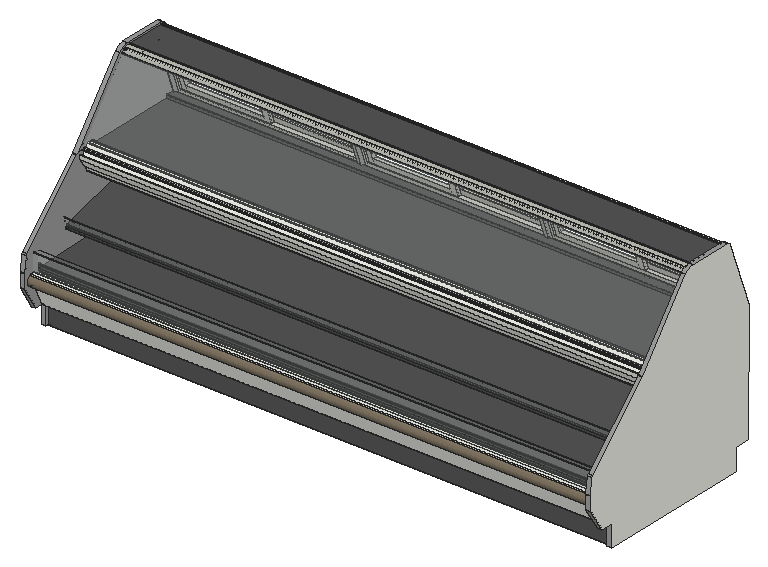
Revit family "R3-B_2014", category Specialty Equipment, Revit 2014
Parameters (values of type "12'-0" Length")
  Width = 144"
  Waste Drain = 1 1/2"  # constant formula
  Upper Drain = if(Width = 48", 32", if(Width = 72", 44", if(Width = 96", 56", if(Width = 120", 56", if(Width = 144", 77", 0")))))  # 77"
  URL = "www.hussmann.com"
  Type Comments = "Chino"  # constant formula
  Trim = Stainless Steel
  Total Weight = Case Weight + (2 * End Weight)  # 0.00 lbf
  Splashguard = Textured Sheet Metal (Steel Painted) - 701 Black
  Side Panel - Right [instance] = yes
  Side Panel - Left [instance] = yes
  Shelves = Sheet Metal (Steel Painted) - 701 Black
  Revit Family Date = "04/20/2016"  # constant formula
  Refrigeration Lines Suction = 5/8"  # constant formula
  Refrigeration Lines Liquid = 3/8"  # constant formula
  Refrig. Suction = "Suction"
  Refrig. Liquid = "Liquid"
  Number of Supports = if(Width < 70", 2, if(Width < 140", 3, 4))  # 4
  Note from Manufacturer = "This model only comes in 4'-0\", 6'-0\", 8'-0\", 10'-0\" and 12'-0\" lengths."
  Model URL = "http://www.hussmann.com/en/product%20viewer/display-cases/R3B,%20CR3B"
  Model = "R3-B"  # constant formula
  Manufacturer Disclaimer = "The information in this file is not intended to be an exact representation of the corresponding Hussmann product.  Further, we reserve the right to change or revise specifications and product design in connection with any feature of our products. Such changes do not entitle the buyer to corresponding changes, improvements, additions, or replacements for equipment previously sold or shipped."  # constant formula
  Manufacturer = "Hussmann Corporation"  # constant formula
  Lower Drain = if(Width = 48", 7", if(Width = 72", 41", if(Width = 96", 53", if(Width = 120", 53", if(Width = 144", 65", 0")))))  # 65"
  Height = 53"  # constant formula
  Glazing = Glass
  Ends = Textured Sheet Metal (Steel Painted) - 149 White Satin Matte
  End Weight = 0.00 lbf  # constant formula
  Door Frame = Plastic - 144 Mist Gray
  Description = "Refrigerated Service and Self-Service Bakery Merchandiser with Rear Storage - Straight Glass"  # constant formula
  Depth = 50 1/16"  # constant formula
  Cutsheet URL = "http://www.hussmann.com/en/Product%20Sheets/R3_Family_Selection_Guide_042012_En.pdf"
  Case Weight = if(Width = 48", 0.00 lbf, if(Width = 72", 0.00 lbf, if(Width = 96", 0.00 lbf, if(Width = 120", 0.00 lbf, if(Width = 144", 0.00 lbf, 0.00 lbf)))))  # 0.00 lbf
  Case Interior - Side Panel = Stainless Steel
  Case Interior - Back Panel = Stainless Steel
  Case = Textured Sheet Metal (Steel Painted) - 149 White Satin Matte
  Bumper = Extruded PVC - 747 Chocolate Brown
  Assembly Code = ""
  Accessories/Options = ""
  8 Case = Width = 96"  # no
  6 Case = Width = 72"  # no
  4 Case = Width = 48"  # no
  12 Case = Width = 144"  # yes
  10 Case = Width = 120"  # no
Reference planes (in)
  plane 1 "Back": y = 0
  plane 2 "Bottom": z = 0
  plane 3 "Left": x = -77.30699
  plane 4 "Center (Left/Right)": x = -5.30699
  plane 5: x = -78.43199
  plane 6 "Right": x = 66.69301
  plane 7: x = 67.81801
  plane 8: y = -50.0625
  plane 9: z = 53
Forms (in)
  Extrusion 1, solid, material "Metal - Copper"
    sketch origin (63.0625, 1.04319, 0) x (1, 0, 0) y (0, 1, 0)
      loop
        arc (-76.49449, -39.16819) -> (-77.02482, -39.38786) -> (-77.24449, -39.91819) r 0.75
        arc (-77.24449, -39.91819) -> (-77.02482, -40.44852) -> (-76.49449, -40.66819) r 0.75
        arc (-76.49449, -40.66819) -> (-75.96416, -40.44852) -> (-75.74449, -39.91819) r 0.75
        arc (-75.74449, -39.91819) -> (-75.96416, -39.38786) -> (-76.49449, -39.16819) r 0.75
      loop
        circle (-76.49449, -39.91819) r 0.7102
    from 5.98508 to 0
  Extrusion 2, solid, material "Metal - Copper"
    sketch origin (57.40105, 5, -0.375) x (1, 0, 0) y (0, 1, 0)
      loop
        circle (2.97946, -42.125) r 0.28859
      loop
        circle (2.97946, -42.125) r 0.3125
    from 6.36008 to 0.375
  Extrusion 3, solid, material "Metal - Copper"
    sketch origin (59.82608, 5, -0.375) x (1, 0, 0) y (0, 1, 0)
      loop
        circle (1.05443, -42.125) r 0.17188
      loop
        circle (1.05443, -42.125) r 0.1875
    from 6.36008 to 0.375
  Extrusion 4, solid, material "Textured Sheet Metal (Steel Painted) - 149 White Satin Matte" <- "Case"
    sketch origin (-5.30699, 0, 0) x (0, 1, 0) y (0, 0, 1)
      loop
        line (-33.36568, 34.61012) -> (-33.04856, 33.47902) -> (-31.7032, 31.45909) -> (-31.64948, 31.49094) -> (-30.7947, 30.01115) -> (-30.8313, 29.99002) -> (-30.69968, 29.76205)
        arc (-30.69968, 29.76205) -> (-30.66021, 29.73177) -> (-30.61089, 29.73826) r 0.065
        line (-30.61089, 29.73826) -> (-29.77517, 30.22076)
        arc (-29.77517, 30.22076) -> (-29.74489, 30.26023) -> (-29.75138, 30.30955) r 0.065
        line (-29.75138, 30.30955) -> (-29.85311, 30.48575)
        arc (-29.85311, 30.48575) -> (-29.85611, 30.50851) -> (-29.84213, 30.52673) r 0.03
        line (-29.84213, 30.52673) -> (-29.62575, 30.65165) -> (-28.74969, 30.65165) -> (-27.92081, 30.17255) -> (-25.08971, 27.77832)
        arc (-25.08971, 27.77832) -> (-25.07009, 27.76692) -> (-25.04774, 27.76295) r 0.065
        line (-25.04774, 27.76295) -> (-22.46115, 27.76295) -> (-21.49557, 26.79737) -> (-21.49557, 24.19301) -> (-21.62938, 23.48803)
        arc (-21.62938, 23.48803) -> (-21.57491, 23.41154) -> (-21.50086, 23.46931) r 0.065
        line (-21.50086, 23.46931) -> (-21.46057, 23.8667) -> (-21.46057, 24.58807) -> (-21.33057, 24.58807) -> (-21.33057, 28.20482) -> (-18.84907, 28.20482) -> (-18.84907, 11.22133) -> (-19.81272, 11.22133) -> (-19.81272, 10.98732) -> (-18.87522, 10.98732) -> (-18.87522, 8.47125) -> (-19.73888, 7.60758) -> (-45.15796, 7.60758) -> (-45.15796, 12.7762) -> (-44.11572, 12.7762) -> (-44.11572, 12.67958) -> (-44.18605, 12.4171) -> (-44.12568, 12.40092) -> (-44.05322, 12.67135) -> (-44.05322, 12.89308) -> (-43.99511, 12.89308) -> (-43.99511, 13.23808)
        arc (-43.99511, 13.23808) -> (-44.02205, 13.30313) -> (-44.08711, 13.33008) r 0.092
        line (-44.08711, 13.33008) -> (-44.43211, 13.33008) -> (-44.43211, 13.92649)
        arc (-44.43211, 13.92649) -> (-44.45905, 13.99154) -> (-44.52411, 14.01849) r 0.092
        line (-44.52411, 14.01849) -> (-45.46611, 14.01849)
        arc (-45.46611, 14.01849) -> (-45.53116, 13.99154) -> (-45.55811, 13.92649) r 0.092
        line (-45.55811, 13.92649) -> (-45.55811, 13.33008) -> (-45.99511, 13.33008) -> (-45.99511, 13.26808) -> (-47.2961, 13.26808) -> (-47.61711, 13.58908) -> (-47.61711, 13.96008) -> (-47.67961, 13.96008) -> (-47.67961, 13.11258) -> (-48.16704, 13.11258) -> (-48.16704, 14.20466)
        arc (-48.16704, 14.20466) -> (-48.19413, 14.27007) -> (-48.25954, 14.29716) r 0.0925
        line (-48.25954, 14.29716) -> (-48.9713, 14.29716)
        arc (-48.9713, 14.29716) -> (-49.03671, 14.27007) -> (-49.0638, 14.20466) r 0.0925
        line (-49.0638, 14.20466) -> (-49.0638, 11.58133)
        arc (-49.0638, 11.58133) -> (-49.03671, 11.51592) -> (-48.9713, 11.48883) r 0.0925
        line (-48.9713, 11.48883) -> (-48.01131, 11.48883) -> (-45.35429, 5.77636)
        arc (-45.35429, 5.77636) -> (-45.29258, 5.73883) -> (-45.23429, 5.78148) r 0.065
        line (-45.23429, 5.78148) -> (-45.15996, 5.98508) -> (-3.85387, 5.98508) -> (-3.85387, 5.91108) -> (-3.07295, 5.91108)
        arc (-3.07295, 5.91108) -> (-3.03315, 5.91899) -> (-2.99941, 5.94154) r 0.104
        line (-2.99941, 5.94154) -> (-2.31033, 6.63062)
        arc (-2.31033, 6.63062) -> (-2.28779, 6.66436) -> (-2.27987, 6.70416) r 0.104
        line (-2.27987, 6.70416) -> (-2.27987, 7.41108) -> (-0.92787, 7.41108) -> (-0.92787, 6.49062) -> (-1.0286, 5.91937)
        arc (-1.0286, 5.91937) -> (-1.01438, 5.8663) -> (-0.96459, 5.84308) r 0.065
        line (-0.96459, 5.84308) -> (-0.33657, 5.84308)
        arc (-0.33657, 5.84308) -> (-0.29061, 5.86212) -> (-0.27157, 5.90808) r 0.065
        line (-0.27157, 5.90808) -> (-0.27157, 7.54708) -> (-18.65057, 7.54708) -> (-18.65057, 28.41908) -> (-0.20665, 28.41908) -> (-0.20665, 35.15451) -> (-0.27598, 35.41322) -> (-0.062, 35.41322) -> (-0.062, 35.28806) -> (-0.08379, 35.03772) -> (-0.02202, 35.03232) -> (0, 35.28405) -> (0, 35.91542)
        arc (0, 35.91542) -> (-0.0014, 35.9314) -> (-0.00555, 35.94689) r 0.092
        line (-0.00555, 35.94689) -> (-0.11802, 36.2559)
        arc (-0.11802, 36.2559) -> (-0.16559, 36.30782) -> (-0.23594, 36.31089) r 0.092
        line (-0.23594, 36.31089) -> (-2.27433, 35.56897) -> (-4.51597, 35.56897)
        arc (-4.51597, 35.56897) -> (-4.57511, 35.54745) -> (-4.60657, 35.49295) r 0.092
        line (-4.60657, 35.49295) -> (-4.70058, 34.95983) -> (-4.63952, 34.94906) -> (-4.54551, 35.48218)
        arc (-4.54551, 35.48218) -> (-4.53525, 35.49995) -> (-4.51597, 35.50697) r 0.03
        line (-4.51597, 35.50697) -> (-2.98133, 35.50697) -> (-2.94721, 35.41322) -> (-3.2434, 35.41322)
        arc (-3.2434, 35.41322) -> (-3.31694, 35.38276) -> (-3.3474, 35.30922) r 0.104
        line (-3.3474, 35.30922) -> (-3.3474, 34.77931) -> (-26.31188, 34.77931)
        arc (-26.31188, 34.77931) -> (-26.33441, 34.85188) -> (-26.40369, 34.88308) r 0.0925
        line (-26.40369, 34.88308) -> (-29.81917, 34.88308) -> (-29.81917, 35.15653) -> (-29.81917, 36.32406)
        arc (-29.81917, 36.32406) -> (-29.8382, 36.37002) -> (-29.88417, 36.38906) r 0.065
        line (-29.88417, 36.38906) -> (-30.59463, 36.38906)
        arc (-30.59463, 36.38906) -> (-30.62338, 36.38236) -> (-30.6462, 36.36363) r 0.065
        line (-30.6462, 36.36363) -> (-31.5477, 35.18877) -> (-31.50775, 35.15812) -> (-32.26162, 34.17566)
        arc (-32.26162, 34.17566) -> (-32.27842, 34.16475) -> (-32.29834, 34.16684) r 0.03
        line (-32.29834, 34.16684) -> (-33.08729, 34.5431) -> (-33.06355, 34.60387) -> (-33.27944, 34.68821)
        arc (-33.27944, 34.68821) -> (-33.34673, 34.67585) -> (-33.36568, 34.61012) r 0.065
      loop
        line (-7.7013, 52.90428) -> (-17.15757, 52.90428) -> (-17.15757, 50.81867) -> (-15.27268, 50.81867)
        arc (-15.27268, 50.81867) -> (-15.31864, 50.79963) -> (-15.33768, 50.75367) r 0.065
        line (-15.33768, 50.75367) -> (-15.33768, 49.56367)
        arc (-15.33768, 49.56367) -> (-15.31864, 49.51771) -> (-15.27268, 49.49867) r 0.065
        line (-15.27268, 49.49867) -> (-14.92768, 49.49867) -> (-14.92768, 49.53609)
        arc (-14.92768, 49.53609) -> (-14.89911, 49.53742) -> (-14.88107, 49.55961) r 0.035
        line (-14.88107, 49.55961) -> (-14.67768, 50.31867) -> (-13.55268, 50.31867) -> (-13.34925, 49.55947)
        arc (-13.34925, 49.55947) -> (-13.33673, 49.54086) -> (-13.31548, 49.53367) r 0.035
        line (-13.31548, 49.53367) -> (-12.94048, 49.53367) -> (-12.94048, 49.57098)
        arc (-12.94048, 49.57098) -> (-12.90599, 49.59425) -> (-12.89268, 49.63367) r 0.065
        line (-12.89268, 49.63367) -> (-12.89268, 50.75367)
        arc (-12.89268, 50.75367) -> (-12.91172, 50.79963) -> (-12.95768, 50.81867) r 0.065
        line (-12.95768, 50.81867) -> (-8.18319, 50.81867) -> (-8.3657, 50.31723)
        arc (-8.3657, 50.31723) -> (-8.3631, 50.25759) -> (-8.31908, 50.21726) r 0.078
        line (-8.31908, 50.21726) -> (-7.21684, 49.81607)
        arc (-7.21684, 49.81607) -> (-7.19016, 49.81137) -> (-7.16349, 49.81607) r 0.078
        line (-7.16349, 49.81607) -> (-5.87825, 50.28386)
        arc (-5.87825, 50.28386) -> (-5.83424, 50.32419) -> (-5.83163, 50.38383) r 0.078
        arc (-5.83163, 50.38383) -> (-5.78406, 50.33192) -> (-5.71372, 50.32885) r 0.092
        line (-5.71372, 50.32885) -> (-5.41208, 50.43863)
        arc (-5.41208, 50.43863) -> (-5.36016, 50.4862) -> (-5.35709, 50.55655) r 0.092
        line (-5.35709, 50.55655) -> (-6.30348, 53.15672)
        arc (-6.30348, 53.15672) -> (-6.41404, 53.30081) -> (-6.58726, 53.35543) r 0.302
        line (-6.58726, 53.35543) -> (-7.1713, 53.35543)
        arc (-7.1713, 53.35543) -> (-7.23635, 53.32848) -> (-7.2633, 53.26343) r 0.092
        line (-7.2633, 53.26343) -> (-7.2633, 52.98303) -> (-7.6233, 52.98303)
        arc (-7.6233, 52.98303) -> (-7.67872, 52.95992) -> (-7.7013, 52.90428) r 0.078
    from 72 to -72
  Extrusion 5, solid, material "Sheet Metal (Steel Painted) - 701 Black" <- "Shelves"
    sketch origin (-5.30699, 0, 0) x (0, 1, 0) y (0, 0, 1)
      loop
        line (-46.30462, 14.45678) -> (-46.29104, 14.03416) -> (-20.77257, 14.85426) -> (-20.77257, 24.58807) -> (-21.46057, 24.58807) -> (-21.46057, 15.29022) -> (-46.30575, 14.49176)
        arc (-46.30575, 14.49176) -> (-46.32723, 14.49986) -> (-46.3367, 14.52078) r 0.03
        line (-46.3367, 14.52078) -> (-46.36785, 15.49028)
        arc (-46.36785, 15.49028) -> (-46.44056, 15.55273) -> (-46.49644, 15.47486) r 0.065
        line (-46.49644, 15.47486) -> (-46.42607, 15.13915) -> (-46.39182, 15.14633) -> (-46.37168, 14.51966)
        arc (-46.37168, 14.51966) -> (-46.35117, 14.47433) -> (-46.30462, 14.45678) r 0.065
    from 72 to -72
  Extrusion 6, solid, material "Sheet Metal (Steel Painted) - 701 Black" <- "Shelves"
    sketch origin (-5.30699, 0, 0) x (0, 1, 0) y (0, 0, 1)
      loop
        arc (-37.37591, 20.55304) -> (-37.41386, 20.52392) -> (-37.4201, 20.4765) r 0.0625
        line (-37.4201, 20.4765) -> (-37.20032, 19.65628) -> (-37.45375, 19.58853) -> (-37.62233, 20.31883) -> (-37.68275, 20.30488) -> (-37.51403, 19.5741)
        arc (-37.51403, 19.5741) -> (-37.48555, 19.53491) -> (-37.43757, 19.52816) r 0.062
        line (-37.43757, 19.52816) -> (-36.59239, 19.75463) -> (-36.60996, 19.82019)
        arc (-36.60996, 19.82019) -> (-36.5977, 19.83875) -> (-36.59726, 19.86099) r 0.04
        line (-36.59726, 19.86099) -> (-36.77098, 20.52878) -> (-35.92628, 20.75209) -> (-35.88731, 20.60665) -> (-35.804, 20.62897)
        arc (-35.804, 20.62897) -> (-35.77744, 20.62547) -> (-35.76113, 20.60422) r 0.035
        line (-35.76113, 20.60422) -> (-35.68092, 20.30489)
        arc (-35.68092, 20.30489) -> (-35.66826, 20.27965) -> (-35.64666, 20.26146) r 0.07
        line (-35.64666, 20.26146) -> (-35.12588, 19.97927)
        arc (-35.12588, 19.97927) -> (-35.04917, 19.98586) -> (-35.02491, 20.05893) r 0.07
        line (-35.02491, 20.05893) -> (-35.07702, 20.25341) -> (-21.79848, 23.74887)
        arc (-21.79848, 23.74887) -> (-21.76053, 23.77799) -> (-21.75428, 23.82542) r 0.0625
        line (-21.75428, 23.82542) -> (-21.9484, 24.54987)
        arc (-21.9484, 24.54987) -> (-21.97752, 24.58782) -> (-22.02494, 24.59406) r 0.0625
        line (-22.02494, 24.59406) -> (-37.37591, 20.55304)
    from 72 to -72
  Extrusion 7, solid, material "Glass" <- "Glazing"
    sketch origin (-5.30699, 0, 0) x (0, 1, 0) y (0, 0, 1)
      loop
        line (-38.15322, 22.24812) -> (-37.44146, 19.59182) -> (-37.19994, 19.65639) -> (-37.91173, 22.31283)
        arc (-37.91173, 22.31283) -> (-38.06483, 22.40122) -> (-38.15322, 22.24812) r 0.125
    from 72 to -72
  Extrusion 8, solid, material "Glass" <- "Glazing"
    sketch origin (-5.30699, 1.3125, 0) x (0, 1, 0) y (0, 0, 1)
      loop
        line (-49.47954, 18.6907) -> (-49.47954, 13.11258) -> (-48.99211, 13.11258) -> (-48.99211, 18.61243)
        arc (-48.99211, 18.61243) -> (-49.20247, 18.85926) -> (-49.47954, 18.6907) r 0.25
    from 72 to -72
  Extrusion 9, solid, material "Extruded PVC - 747 Chocolate Brown" <- "Bumper"
    sketch origin (-5.30699, 1.3125, 0) x (0, 1, 0) y (0, 0, 1)
      loop
        arc (-50.3763, 13.97878) -> (-51.3763, 12.72878) -> (-50.3763, 11.47878) r 1.28125
        line (-50.3763, 11.47878) -> (-50.3763, 13.97878)
    from 72 to -72
  Extrusion 10, solid, material "Sheet Metal (Steel Painted) - 701 Black" <- "Shelves"
    sketch origin (-5.30699, 0, 0) x (0, 1, 0) y (0, 0, 1)
      loop
        line (-7.38303, 53.29798) -> (-17.05429, 53.29798) -> (-17.09366, 53.25861) -> (-17.09366, 53.02831) -> (-16.98879, 52.90767) -> (-16.79783, 52.90767) -> (-16.73329, 52.98302) -> (-7.38303, 52.98302) -> (-7.34366, 53.02239) -> (-7.34366, 53.25861) -> (-7.38303, 53.29798)
    from 72 to -72
  Extrusion 11, solid, material "Plastic - 144 Mist Gray" <- "Door Frame"
    sketch origin (-5.30699, 0, 0) x (0, 1, 0) y (0, 0, 1)
      loop
        line (-31.82232, 35.94724) -> (-32.26023, 35.37698)
        arc (-32.26023, 35.37698) -> (-32.27252, 35.33114) -> (-32.24881, 35.29004) r 0.062
        line (-32.24881, 35.29004) -> (-32.05214, 35.13901)
        arc (-32.05214, 35.13901) -> (-32.00601, 35.127) -> (-31.96474, 35.15086) r 0.06275
        line (-31.96474, 35.15086) -> (-31.94384, 35.17842)
        arc (-31.94384, 35.17842) -> (-31.9028, 35.20174) -> (-31.85724, 35.18941) r 0.062
        line (-31.85724, 35.18941) -> (-31.79772, 35.14371)
        arc (-31.79772, 35.14371) -> (-31.73043, 35.1804) -> (-31.72938, 35.25704) r 0.07595
        line (-31.72938, 35.25704) -> (-31.69463, 35.30248) -> (-31.56473, 35.08387) -> (-31.50775, 35.15812) -> (-31.5477, 35.18877) -> (-31.43629, 35.33396) -> (-31.49966, 35.5419)
        arc (-31.49966, 35.5419) -> (-31.43318, 35.56871) -> (-31.41797, 35.63876) r 0.07661
        line (-31.41797, 35.63876) -> (-31.55094, 35.73964)
        arc (-31.55094, 35.73964) -> (-31.56882, 35.74604) -> (-31.58707, 35.74081) r 0.031
        arc (-31.58707, 35.74081) -> (-31.80142, 35.46503) -> (-32.01334, 35.1874) r 40
        line (-32.01334, 35.1874) -> (-32.21163, 35.33966)
        arc (-32.21163, 35.33966) -> (-31.99346, 35.6254) -> (-31.77274, 35.90917) r 40.25
        line (-31.77274, 35.90917) -> (-31.82232, 35.94724)
      loop
        arc (-17.84289, 50.87918) -> (-16.90474, 50.72973) -> (-15.95893, 50.81867) r 3.78388
        line (-15.95893, 50.81867) -> (-17.15757, 50.81867) -> (-17.15757, 53.2706)
        arc (-17.15757, 53.2706) -> (-17.16334, 53.28452) -> (-17.17726, 53.29028) r 0.01969
        line (-17.17726, 53.29028) -> (-17.24214, 53.29028)
        arc (-17.24214, 53.29028) -> (-17.30757, 53.22142) -> (-17.36482, 53.14562) r 0.84252
        line (-17.36482, 53.14562) -> (-17.40424, 53.17205)
        arc (-17.40424, 53.17205) -> (-17.36221, 53.20856) -> (-17.39872, 53.25059) r 0.03937
        arc (-17.39872, 53.25059) -> (-18.01029, 53.22926) -> (-18.60396, 53.08083) r 2.91774
        arc (-18.60396, 53.08083) -> (-19.22775, 52.67282) -> (-19.55011, 52.00075) r 1.38647
        arc (-19.55011, 52.00075) -> (-19.53805, 51.96063) -> (-19.49667, 51.95409) r 0.03937
        line (-19.49667, 51.95409) -> (-18.99636, 52.58772) -> (-18.91034, 52.69536) -> (-18.70859, 52.79946)
        arc (-18.70859, 52.79946) -> (-18.62563, 52.80286) -> (-18.56959, 52.7416) r 0.09842
        line (-18.56959, 52.7416) -> (-18.60973, 52.68341) -> (-18.74526, 52.68719) -> (-18.83424, 52.55819) -> (-18.76997, 52.5087)
        arc (-18.76997, 52.5087) -> (-18.73992, 52.45646) -> (-18.75562, 52.39827) r 0.07874
        line (-18.75562, 52.39827) -> (-19.22024, 51.79487)
        arc (-19.22024, 51.79487) -> (-19.23202, 51.75123) -> (-19.20948, 51.71205) r 0.05906
        line (-19.20948, 51.71205) -> (-19.1159, 51.63999)
        arc (-19.1159, 51.63999) -> (-19.10135, 51.63607) -> (-19.08829, 51.64358) r 0.01969
        line (-19.08829, 51.64358) -> (-18.93505, 51.8426) -> (-18.91767, 51.81176) -> (-18.9573, 51.7896)
        arc (-18.9573, 51.7896) -> (-18.96663, 51.77777) -> (-18.96487, 51.76281) r 0.01969
        line (-18.96487, 51.76281) -> (-18.65006, 51.19992)
        arc (-18.65006, 51.19992) -> (-18.5697, 51.10595) -> (-18.45935, 51.05016) r 0.31496
        line (-18.45935, 51.05016) -> (-17.84289, 50.87918)
    from 72 to -72
  Extrusion 12, solid, material "Textured Sheet Metal (Steel Painted) - 701 Black" <- "Splashguard"
    sketch origin (-5.30699, 0, 0) x (0, 1, 0) y (0, 0, 1)
      loop
        arc (-43.33825, 5.48508) -> (-43.363, 5.47483) -> (-43.37325, 5.45008) r 0.035
        line (-43.37325, 5.45008) -> (-43.37325, 0.02008)
        arc (-43.37325, 0.02008) -> (-43.363, -0.00467) -> (-43.33825, -0.01492) r 0.035
        line (-43.33825, -0.01492) -> (-42.83825, -0.01492)
        arc (-42.83825, -0.01492) -> (-42.8135, -0.00467) -> (-42.80325, 0.02008) r 0.035
        line (-42.80325, 0.02008) -> (-42.80325, 0.39508) -> (-42.88512, 0.39508) -> (-42.88512, 5.07508) -> (-42.80325, 5.07508) -> (-42.80325, 5.45008)
        arc (-42.80325, 5.45008) -> (-42.8135, 5.47483) -> (-42.83825, 5.48508) r 0.035
        line (-42.83825, 5.48508) -> (-43.33825, 5.48508)
      loop
        line (-4.19387, 5.48508) -> (-4.19387, 0.45495) -> (-3.8561, 0.05241) -> (-3.47425, -0.01492) -> (-3.46817, 0.01955) -> (-3.83748, 0.08467) -> (-4.15887, 0.46769) -> (-4.15887, 5.48508) -> (-4.19387, 5.48508)
    from 72 to -72
  Extrusion 13, solid, material "Sheet Metal (Steel Painted) - 701 Black" <- "Shelves"
    sketch origin (-5.30699, 0, 0) x (0, 1, 0) y (0, 0, 1)
      loop
        line (-29.74078, 34.97147) -> (-29.74078, 34.93647) -> (-5.49078, 34.93647) -> (-5.49078, 35.53397)
        arc (-5.49078, 35.53397) -> (-5.46603, 35.54422) -> (-5.45578, 35.56897) r 0.035
        line (-5.45578, 35.56897) -> (-5.45578, 36.31897) -> (-3.33078, 36.31897) -> (-3.07054, 35.60397) -> (-3.57054, 35.60397) -> (-3.57054, 35.56897) -> (-3.07054, 35.56897)
        arc (-3.07054, 35.56897) -> (-3.04185, 35.58394) -> (-3.03769, 35.61603) r 0.035
        line (-3.03769, 35.61603) -> (-3.29789, 36.33094)
        arc (-3.29789, 36.33094) -> (-3.31071, 36.34764) -> (-3.33078, 36.35397) r 0.035
        line (-3.33078, 36.35397) -> (-5.45578, 36.35397)
        arc (-5.45578, 36.35397) -> (-5.48053, 36.34372) -> (-5.49078, 36.31897) r 0.035
        line (-5.49078, 36.31897) -> (-5.49078, 35.56897) -> (-29.30328, 35.56897) -> (-29.30328, 35.91762) -> (-29.26845, 35.91457) -> (-29.23379, 36.31071)
        arc (-29.23379, 36.31071) -> (-29.28354, 36.37007) -> (-29.33828, 36.31528) r 0.0525
        line (-29.33828, 36.31528) -> (-29.33828, 35.56897)
        arc (-29.33828, 35.56897) -> (-29.32803, 35.54422) -> (-29.30328, 35.53397) r 0.035
        line (-29.30328, 35.53397) -> (-29.74078, 34.97147)
    from 72 to -72
  Extrusion 14, solid, material "Glass" <- "Glazing"
    sketch origin (-5.30699, 0, 0) x (0, 1, 0) y (0, 0, 1)
      loop
        line (-18.77205, 52.44227) -> (-18.95941, 52.58614) -> (-32.20617, 35.33546) -> (-32.01881, 35.19159) -> (-18.77205, 52.44227)
    from 72 to -72
  Extrusion 15, solid, material "Metal - Copper"
    sketch origin (-56.6875, 24.04319, 0) x (1, 0, 0) y (0, 1, 0)
      loop
        arc (56.38051, -40.66819) -> (55.85018, -40.88786) -> (55.63051, -41.41819) r 0.75
        arc (55.63051, -41.41819) -> (55.85018, -41.94852) -> (56.38051, -42.16819) r 0.75
        arc (56.38051, -42.16819) -> (56.91084, -41.94852) -> (57.13051, -41.41819) r 0.75
        arc (57.13051, -41.41819) -> (56.91084, -40.88786) -> (56.38051, -40.66819) r 0.75
      loop
        circle (56.38051, -41.41819) r 0.7102
    from 5.98508 to 0
  Extrusion 16, solid, material "Glass" <- "Glazing"
    sketch origin (-5.30699, 0, 0) x (0, 1, 0) y (0, 0, 1)
      loop
        line (-46.46518, 18.51872) -> (-46.3367, 14.52078) -> (-46.08683, 14.52881) -> (-46.21531, 18.52675) -> (-46.46518, 18.51872)
    from 72 to -72
  Extrusion 17, solid, material "Stainless Steel" <- "Case Interior - Back Panel", visible <- "12 Case"
    sketch origin (-77.30699, 0, 0) x (0, 1, 0) y (0, 0, 1)
      loop
        line (-3.0039, 35.56897) -> (-2.27433, 35.56897) -> (-0.17956, 36.33141) -> (-5.4525, 50.81867) -> (-8.55461, 50.81867) -> (-3.0039, 35.56897)
    from 144 to 143.5
  Extrusion 18, solid, material "Stainless Steel" <- "Case Interior - Back Panel", visible <- "12 Case"
    sketch origin (-77.30699, 0, 0) x (0, 1, 0) y (0, 0, 1)
      loop
        line (-3.0039, 35.56897) -> (-2.27433, 35.56897) -> (-0.17956, 36.33141) -> (-5.4525, 50.81867) -> (-8.55461, 50.81867) -> (-3.0039, 35.56897)
    from 96.5 to 95.5
  Extrusion 19, solid, material "Stainless Steel" <- "Case Interior - Back Panel", visible <- "12 Case"
    sketch origin (-77.30699, 0, 0) x (0, 1, 0) y (0, 0, 1)
      loop
        line (-3.0039, 35.56897) -> (-2.27433, 35.56897) -> (-0.17956, 36.33141) -> (-5.4525, 50.81867) -> (-8.55461, 50.81867) -> (-3.0039, 35.56897)
    from 48.5 to 47.5
  Extrusion 20, solid, material "Stainless Steel" <- "Case Interior - Back Panel", visible <- "12 Case"
    sketch origin (-77.30699, 0, 0) x (0, 1, 0) y (0, 0, 1)
      loop
        line (-3.0039, 35.56897) -> (-2.27433, 35.56897) -> (-0.17956, 36.33141) -> (-5.4525, 50.81867) -> (-8.55461, 50.81867) -> (-3.0039, 35.56897)
    from 0.5 to 0
  Extrusion 21, solid, material "Stainless Steel" <- "Case Interior - Back Panel", visible <- "12 Case", not visible
    sketch origin (-77.30699, 0, 0) x (0, 1, 0) y (0, 0, 1)
      loop
        line (-3.0039, 35.56897) -> (-2.27433, 35.56897) -> (-0.17956, 36.33141) -> (-5.4525, 50.81867) -> (-8.55461, 50.81867) -> (-3.0039, 35.56897)
    from 144 to 143.5
  Extrusion 22, solid, material "Stainless Steel" <- "Case Interior - Back Panel", visible <- "12 Case", not visible
    sketch origin (-77.30699, 0, 0) x (0, 1, 0) y (0, 0, 1)
      loop
        line (-3.0039, 35.56897) -> (-2.27433, 35.56897) -> (-0.17956, 36.33141) -> (-5.4525, 50.81867) -> (-8.55461, 50.81867) -> (-3.0039, 35.56897)
    from 96.5 to 95.5
  Extrusion 23, solid, material "Stainless Steel" <- "Case Interior - Back Panel", visible <- "12 Case", not visible
    sketch origin (-77.30699, 0, 0) x (0, 1, 0) y (0, 0, 1)
      loop
        line (-3.0039, 35.56897) -> (-2.27433, 35.56897) -> (-0.17956, 36.33141) -> (-5.4525, 50.81867) -> (-8.55461, 50.81867) -> (-3.0039, 35.56897)
    from 48.5 to 47.5
  Extrusion 24, solid, material "Stainless Steel" <- "Case Interior - Back Panel", visible <- "12 Case", not visible
    sketch origin (-77.30699, 0, 0) x (0, 1, 0) y (0, 0, 1)
      loop
        line (-3.0039, 35.56897) -> (-2.27433, 35.56897) -> (-0.17956, 36.33141) -> (-5.4525, 50.81867) -> (-8.55461, 50.81867) -> (-3.0039, 35.56897)
    from 0.5 to 0
  Extrusion 25, solid, material "Stainless Steel" <- "Case Interior - Back Panel", visible <- "10 Case"
    sketch origin (-77.30699, 0, 0) x (0, 1, 0) y (0, 0, 1)
      loop
        line (-3.0039, 35.56897) -> (-2.27433, 35.56897) -> (-0.17956, 36.33141) -> (-5.4525, 50.81867) -> (-8.55461, 50.81867) -> (-3.0039, 35.56897)
    from 120 to 119.5
  Extrusion 26, solid, material "Stainless Steel" <- "Case Interior - Back Panel", visible <- "10 Case"
    sketch origin (-77.30699, 0, 0) x (0, 1, 0) y (0, 0, 1)
      loop
        line (-3.0039, 35.56897) -> (-2.27433, 35.56897) -> (-0.17956, 36.33141) -> (-5.4525, 50.81867) -> (-8.55461, 50.81867) -> (-3.0039, 35.56897)
    from 60.5 to 59.5
  Extrusion 27, solid, material "Stainless Steel" <- "Case Interior - Back Panel", visible <- "10 Case"
    sketch origin (-77.30699, 0, 0) x (0, 1, 0) y (0, 0, 1)
      loop
        line (-3.0039, 35.56897) -> (-2.27433, 35.56897) -> (-0.17956, 36.33141) -> (-5.4525, 50.81867) -> (-8.55461, 50.81867) -> (-3.0039, 35.56897)
    from 0.5 to 0
  Extrusion 28, solid, material "Stainless Steel" <- "Case Interior - Back Panel", visible <- "10 Case", not visible
    sketch origin (-170.99499, 0, 0) x (0, 1, 0) y (0, 0, 1)
      loop
        line (-3.0039, 35.56897) -> (-2.27433, 35.56897) -> (-0.17956, 36.33141) -> (-5.4525, 50.81867) -> (-8.55461, 50.81867) -> (-3.0039, 35.56897)
    from 120 to 119.5
  Extrusion 29, solid, material "Stainless Steel" <- "Case Interior - Back Panel", visible <- "10 Case", not visible
    sketch origin (-170.99499, 0, 0) x (0, 1, 0) y (0, 0, 1)
      loop
        line (-3.0039, 35.56897) -> (-2.27433, 35.56897) -> (-0.17956, 36.33141) -> (-5.4525, 50.81867) -> (-8.55461, 50.81867) -> (-3.0039, 35.56897)
    from 60.5 to 59.5
  Extrusion 30, solid, material "Stainless Steel" <- "Case Interior - Back Panel", visible <- "10 Case", not visible
    sketch origin (-170.99499, 0, 0) x (0, 1, 0) y (0, 0, 1)
      loop
        line (-3.0039, 35.56897) -> (-2.27433, 35.56897) -> (-0.17956, 36.33141) -> (-5.4525, 50.81867) -> (-8.55461, 50.81867) -> (-3.0039, 35.56897)
    from 0.5 to 0
  Extrusion 31, solid, material "Stainless Steel" <- "Case Interior - Back Panel", visible <- "8 Case"
    sketch origin (-77.30699, 0, 0) x (0, 1, 0) y (0, 0, 1)
      loop
        line (-3.0039, 35.56897) -> (-2.27433, 35.56897) -> (-0.17956, 36.33141) -> (-5.4525, 50.81867) -> (-8.55461, 50.81867) -> (-3.0039, 35.56897)
    from 96 to 95.5
  Extrusion 32, solid, material "Stainless Steel" <- "Case Interior - Back Panel", visible <- "8 Case"
    sketch origin (-77.30699, 0, 0) x (0, 1, 0) y (0, 0, 1)
      loop
        line (-3.0039, 35.56897) -> (-2.27433, 35.56897) -> (-0.17956, 36.33141) -> (-5.4525, 50.81867) -> (-8.55461, 50.81867) -> (-3.0039, 35.56897)
    from 48.5 to 47.5
  Extrusion 33, solid, material "Stainless Steel" <- "Case Interior - Back Panel", visible <- "8 Case"
    sketch origin (-77.30699, 0, 0) x (0, 1, 0) y (0, 0, 1)
      loop
        line (-3.0039, 35.56897) -> (-2.27433, 35.56897) -> (-0.17956, 36.33141) -> (-5.4525, 50.81867) -> (-8.55461, 50.81867) -> (-3.0039, 35.56897)
    from 0.5 to 0
  Extrusion 34, solid, material "Stainless Steel" <- "Case Interior - Back Panel", visible <- "8 Case", not visible
    sketch origin (-77.30699, 0, 0) x (0, 1, 0) y (0, 0, 1)
      loop
        line (-3.0039, 35.56897) -> (-2.27433, 35.56897) -> (-0.17956, 36.33141) -> (-5.4525, 50.81867) -> (-8.55461, 50.81867) -> (-3.0039, 35.56897)
    from 96 to 95.5
  Extrusion 35, solid, material "Stainless Steel" <- "Case Interior - Back Panel", visible <- "8 Case", not visible
    sketch origin (-77.30699, 0, 0) x (0, 1, 0) y (0, 0, 1)
      loop
        line (-3.0039, 35.56897) -> (-2.27433, 35.56897) -> (-0.17956, 36.33141) -> (-5.4525, 50.81867) -> (-8.55461, 50.81867) -> (-3.0039, 35.56897)
    from 48.5 to 47.5
  Extrusion 36, solid, material "Stainless Steel" <- "Case Interior - Back Panel", visible <- "8 Case", not visible
    sketch origin (-77.30699, 0, 0) x (0, 1, 0) y (0, 0, 1)
      loop
        line (-3.0039, 35.56897) -> (-2.27433, 35.56897) -> (-0.17956, 36.33141) -> (-5.4525, 50.81867) -> (-8.55461, 50.81867) -> (-3.0039, 35.56897)
    from 0.5 to 0
  Extrusion 37, solid, material "Stainless Steel" <- "Case Interior - Back Panel", visible <- "6 Case"
    sketch origin (-77.30699, 0, 0) x (0, 1, 0) y (0, 0, 1)
      loop
        line (-3.0039, 35.56897) -> (-2.27433, 35.56897) -> (-0.17956, 36.33141) -> (-5.4525, 50.81867) -> (-8.55461, 50.81867) -> (-3.0039, 35.56897)
    from 72 to 71.5
  Extrusion 38, solid, material "Stainless Steel" <- "Case Interior - Back Panel", visible <- "6 Case"
    sketch origin (-77.30699, 0, 0) x (0, 1, 0) y (0, 0, 1)
      loop
        line (-3.0039, 35.56897) -> (-2.27433, 35.56897) -> (-0.17956, 36.33141) -> (-5.4525, 50.81867) -> (-8.55461, 50.81867) -> (-3.0039, 35.56897)
    from 0.5 to 0
  Extrusion 39, solid, material "Stainless Steel" <- "Case Interior - Back Panel", visible <- "6 Case", not visible
    sketch origin (-72.99499, 10.38492, -11.25191) x (0, 1, 0) y (0, 0, 1)
      loop
        line (-3.0039, 35.56897) -> (-2.27433, 35.56897) -> (-0.17956, 36.33141) -> (-5.4525, 50.81867) -> (-8.55461, 50.81867) -> (-3.0039, 35.56897)
    from 72 to 71.5
  Extrusion 40, solid, material "Stainless Steel" <- "Case Interior - Back Panel", visible <- "6 Case", not visible
    sketch origin (-72.99499, 10.38492, -11.25191) x (0, 1, 0) y (0, 0, 1)
      loop
        line (-3.0039, 35.56897) -> (-2.27433, 35.56897) -> (-0.17956, 36.33141) -> (-5.4525, 50.81867) -> (-8.55461, 50.81867) -> (-3.0039, 35.56897)
    from 0.5 to 0
  Extrusion 41, solid, material "Stainless Steel" <- "Case Interior - Back Panel", visible <- "4 Case"
    sketch origin (-77.30699, 0, 0) x (0, 1, 0) y (0, 0, 1)
      loop
        line (-3.0039, 35.56897) -> (-2.27433, 35.56897) -> (-0.17956, 36.33141) -> (-5.4525, 50.81867) -> (-8.55461, 50.81867) -> (-3.0039, 35.56897)
    from 48 to 47.5
  Extrusion 42, solid, material "Stainless Steel" <- "Case Interior - Back Panel", visible <- "4 Case"
    sketch origin (-77.30699, 0, 0) x (0, 1, 0) y (0, 0, 1)
      loop
        line (-3.0039, 35.56897) -> (-2.27433, 35.56897) -> (-0.17956, 36.33141) -> (-5.4525, 50.81867) -> (-8.55461, 50.81867) -> (-3.0039, 35.56897)
    from 0.5 to 0
  Extrusion 43, solid, material "Stainless Steel" <- "Case Interior - Back Panel", visible <- "4 Case", not visible
    sketch origin (-77.30699, 0, 0) x (0, 1, 0) y (0, 0, 1)
      loop
        line (-3.0039, 35.56897) -> (-2.27433, 35.56897) -> (-0.17956, 36.33141) -> (-5.4525, 50.81867) -> (-8.55461, 50.81867) -> (-3.0039, 35.56897)
    from 48 to 47.5
  Extrusion 44, solid, material "Stainless Steel" <- "Case Interior - Back Panel", visible <- "4 Case", not visible
    sketch origin (-77.30699, 0, 0) x (0, 1, 0) y (0, 0, 1)
      loop
        line (-3.0039, 35.56897) -> (-2.27433, 35.56897) -> (-0.17956, 36.33141) -> (-5.4525, 50.81867) -> (-8.55461, 50.81867) -> (-3.0039, 35.56897)
    from 0.5 to 0
  Extrusion 45, solid, material "Textured Sheet Metal (Steel Painted) - 149 White Satin Matte" <- "Ends", visible <- "Side Panel - Right"
    sketch origin (66.69301, 0, 0) x (0, 0, 1) y (0, -1, 0)
      loop
        line (34.77534, 33.79515) -> (19.1778, 49.83365)
        arc (19.1778, 49.83365) -> (18.99581, 49.96828) -> (18.78038, 50.0378) r 0.7
        line (18.78038, 50.0378) -> (14.92446, 50.61944)
        arc (14.92446, 50.61944) -> (14.87241, 50.62531) -> (14.82005, 50.62727) r 0.7
        line (14.82005, 50.62727) -> (11.26431, 50.62727) -> (5.41447, 46.96444) -> (5.41447, 43.83793) -> (0, 43.83793) -> (0, 4.00118) -> (5.51387, 4.00118) -> (5.51387, 0) -> (36.64627, 0) -> (53.01402, 5.96807)
        arc (53.01402, 5.96807) -> (53.34775, 6.22438) -> (53.47423, 6.62572) r 0.7
        line (53.47423, 6.62572) -> (53.47423, 17.61192)
        arc (53.47423, 17.61192) -> (53.173, 18.92213) -> (52.3298, 19.96923) r 3
        line (52.3298, 19.96923) -> (34.8442, 33.73314)
        arc (34.8442, 33.73314) -> (34.80874, 33.763) -> (34.77534, 33.79515) r 0.7
    from 0 to 1.125
  Extrusion 46, solid, material "Textured Sheet Metal (Steel Painted) - 149 White Satin Matte" <- "Ends", visible <- "Side Panel - Left"
    sketch origin (-77.30699, 0, 0) x (0, 1, 0) y (0, 0, 1)
      loop
        line (-33.79515, 34.77534) -> (-49.83365, 19.1778)
        arc (-49.83365, 19.1778) -> (-49.96828, 18.99581) -> (-50.0378, 18.78038) r 0.7
        line (-50.0378, 18.78038) -> (-50.61944, 14.92446)
        arc (-50.61944, 14.92446) -> (-50.62531, 14.87241) -> (-50.62727, 14.82005) r 0.7
        line (-50.62727, 14.82005) -> (-50.62727, 11.26431) -> (-46.96444, 5.41447) -> (-43.83793, 5.41447) -> (-43.83793, 0) -> (-4.00118, 0) -> (-4.00118, 5.51387) -> (0, 5.51387) -> (0, 36.64627) -> (-5.96807, 53.01402)
        arc (-5.96807, 53.01402) -> (-6.22438, 53.34775) -> (-6.62572, 53.47423) r 0.7
        line (-6.62572, 53.47423) -> (-17.61192, 53.47423)
        arc (-17.61192, 53.47423) -> (-18.92213, 53.173) -> (-19.96923, 52.3298) r 3
        line (-19.96923, 52.3298) -> (-33.73314, 34.8442)
        arc (-33.73314, 34.8442) -> (-33.763, 34.80874) -> (-33.79515, 34.77534) r 0.7
    from -1.125 to 0
Lines and regions (in)
  reference lines
    curve 1: line (-75.99499, -51.375, 0) -> (-75.99499, 0, 0)
    curve 2: line (-0.30699, -51.375, 0) -> (-0.30699, 0, 0)
    curve 3: line (-13.43199, -51.375, 0) -> (-13.43199, 0, 0)
    curve 4: line (65.38051, -51.375, 0) -> (65.38051, 0, 0)
    curve 5: line (60.69301, -51.375, 0) -> (60.69301, 0, 0)
    curve 6: line (-77.30699, -38.875, 0) -> (66.69301, -38.875, 0)
    curve 7: line (66.69301, -37.125, 0) -> (-77.30699, -37.125, 0)
    curve 8: line (-77.30699, -17.375, 0) -> (66.69301, -17.375, 0)
Dimensions and locks (in)
  equal spacing: plane 3 "Left", plane 4 "Center (Left/Right)", plane 6 "Right"
  locked: plane 5 to plane 3 "Left" at 1.125
  "Width": plane 3 "Left" to plane 6 "Right"
  plane 3 "Left" to curve 1 = 1.312"
  "Upper Drain": plane 3 "Left" to curve 2
  locked: curve 4 to plane 6 "Right" at 1.3125
  "Lower Drain": plane 5 to curve 3
  "Depth": plane 8 to plane 1 "Back"
  locked: curve 5 to plane 6 "Right" at 6
  "Height": plane 9 to level
  locked: plane 1 "Back" to curve 8 at 17.375
  locked: curve 7 to plane 8 at 12.9375
  locked: plane 6 "Right" to plane 7 at 1.125
  locked: Extrusion 1 sketch curve to Extrusion 1 sketch curve at 0.0398
  locked: Extrusion 3 sketch curve to Extrusion 3 sketch curve at 0.01562
  locked: Extrusion 2 sketch curve to Extrusion 2 sketch curve at 0.02391
  locked: Extrusion 15 sketch curve to Extrusion 15 sketch curve at 0.0398
  locked: curve 6 to plane 8 at 11.1875
  nested 1 to plane 1 "Back" = 5 7/8"
  equal spacing: group 1, group 13, group 14, group 2  (x3)
  "Waste Drain": diameter of Extrusion 1 sketch curve
  "Refrigeration Lines Liquid": diameter of Extrusion 3 sketch curve
  "Refrigeration Lines Suction": diameter of Extrusion 2 sketch curve
  "Waste Drain": diameter of Extrusion 15 sketch curve
  aligned and locked: plane 3 "Left" to curve 6
  aligned and locked: plane 3 "Left" to curve 7
  aligned and locked: plane 6 "Right" to curve 7
  aligned and locked: plane 6 "Right" to curve 6
  aligned and locked: Extrusion 2 to level
  aligned and locked: Extrusion 3 to level
  aligned and locked: curve 7 to Extrusion 3 sketch curve  (x4)
  aligned and locked: curve 7 to Extrusion 2 sketch curve  (x4)
  aligned and locked: curve 6 to Extrusion 1 sketch curve  (x3)
  aligned and locked: curve 3 to Extrusion 1 sketch curve
  aligned and locked: curve 5 to Extrusion 3 sketch curve
  aligned and locked: curve 5 to Extrusion 2 sketch curve
  aligned and locked: Extrusion 1 to level
  aligned and locked: Extrusion 3 to plane 2 "Bottom"
  aligned and locked: Extrusion 2 to plane 2 "Bottom"
  aligned and locked: Extrusion 2 to Extrusion 1
  aligned and locked: Extrusion 3 to Extrusion 1
  aligned and locked: Extrusion 4 to plane 3 "Left"
  aligned and locked: plane 6 "Right" to Extrusion 4
  aligned and locked: Extrusion 11 to plane 3 "Left"
  aligned and locked: plane 6 "Right" to Extrusion 11
  aligned and locked: Extrusion 6 to plane 3 "Left"
  aligned and locked: plane 6 "Right" to Extrusion 6
  aligned and locked: Extrusion 7 to plane 3 "Left"
  aligned and locked: plane 6 "Right" to Extrusion 7
  aligned and locked: Extrusion 8 to plane 3 "Left"
  aligned and locked: plane 6 "Right" to Extrusion 8
  aligned and locked: Extrusion 9 to plane 3 "Left"
  aligned and locked: plane 6 "Right" to Extrusion 9
  aligned and locked: Extrusion 12 to plane 3 "Left"
  aligned and locked: plane 6 "Right" to Extrusion 12
  aligned and locked: plane 6 "Right" to Extrusion 5
  aligned and locked: Extrusion 5 to plane 3 "Left"
  aligned and locked: Extrusion 13 to plane 3 "Left"
  aligned and locked: plane 6 "Right" to Extrusion 13
  aligned and locked: Extrusion 14 to plane 3 "Left"
  aligned and locked: plane 6 "Right" to Extrusion 14
  aligned and locked: Extrusion 10 to plane 3 "Left"
  aligned and locked: plane 6 "Right" to Extrusion 10
  aligned and locked: Extrusion 1 to Extrusion 4
  aligned and locked: curve 8 to Extrusion 15 sketch curve
  aligned and locked: Extrusion 15 to Extrusion 1
  aligned and locked: curve 1 to nested 1
  aligned and locked: curve 4 to nested 2
  aligned and locked: nested 2 to nested 1
  aligned and locked: plane 3 "Left" to nested 4
  aligned and locked: plane 3 "Left" to nested 5
  aligned and locked: plane 3 "Left" to nested 6
  aligned and locked: plane 3 "Left" to nested 8
  aligned and locked: plane 3 "Left" to nested 22
  aligned and locked: Extrusion 16 to plane 3 "Left"
  aligned and locked: plane 6 "Right" to Extrusion 16
  aligned and locked: plane 3 "Left" to nested 24
  aligned and locked: plane 3 "Left" to Extrusion 46
  aligned and locked: plane 5 to Extrusion 46
  aligned and locked: plane 7 to Extrusion 45
  aligned and locked: Extrusion 45 to plane 6 "Right"
Automatic sketch dimensions
  plane 1 "Back" to Extrusion 10 sketch curve = 17.09366"
  Extrusion 10 sketch curve to Extrusion 10 sketch curve = 0.03937"  (x4)
  Extrusion 10 sketch curve to Extrusion 10 sketch curve = 0.10487"
  Extrusion 10 sketch curve to Extrusion 10 sketch curve = 0.19096"
  Extrusion 10 sketch curve to Extrusion 10 sketch curve = 0.06454"
  plane 1 "Back" to Extrusion 10 sketch curve = 7.38303"
  Extrusion 10 sketch curve to Extrusion 10 sketch curve = 0"
  Extrusion 13 sketch curve to Extrusion 13 sketch curve = 0.4025"
  Extrusion 13 sketch curve to Extrusion 13 sketch curve = 0.035"  (x4)
  Extrusion 13 sketch curve to Extrusion 13 sketch curve = 0"  (x12)
  Extrusion 13 sketch curve to Extrusion 13 sketch curve = 0.05245"
  Extrusion 13 sketch curve to Extrusion 13 sketch curve = 0.03483"
  Extrusion 13 sketch curve to Extrusion 13 sketch curve = 0.05204"
  plane 1 "Back" to Extrusion 13 sketch curve = 5.49078"
  Extrusion 13 sketch curve to Extrusion 13 sketch curve = 1.88524"
  Extrusion 13 sketch curve to Extrusion 13 sketch curve = 0.23976"
  Extrusion 13 sketch curve to Extrusion 13 sketch curve = 1/2"
  Extrusion 13 sketch curve to Extrusion 13 sketch curve = 0.03286"
  Extrusion 13 sketch curve to Extrusion 13 sketch curve = 0.39309"
  Extrusion 13 sketch curve to Extrusion 13 sketch curve = 0.00305"
  Extrusion 13 sketch curve to Extrusion 13 sketch curve = 0.01206"
  Extrusion 13 sketch curve to Extrusion 13 sketch curve = 9/16"
  Extrusion 13 sketch curve to Extrusion 13 sketch curve = 0.00457"
  Extrusion 13 sketch curve to Extrusion 13 sketch curve = 3/4"
  Extrusion 13 sketch curve to Extrusion 13 sketch curve = 0.03289"
  Extrusion 18 sketch curve to Extrusion 18 sketch curve = 3.10211"
  Extrusion 18 sketch curve to Extrusion 18 sketch curve = 2.4486"
  Extrusion 18 sketch curve to Extrusion 18 sketch curve = 0.72957"
  Extrusion 18 sketch curve to Extrusion 18 sketch curve = 2.09477"
  Extrusion 18 sketch curve to Extrusion 18 sketch curve = 0.76243"
  Extrusion 17 sketch curve to Extrusion 17 sketch curve = 3.10211"
  Extrusion 17 sketch curve to Extrusion 17 sketch curve = 2.4486"
  Extrusion 17 sketch curve to Extrusion 17 sketch curve = 0.72957"
  Extrusion 17 sketch curve to Extrusion 17 sketch curve = 2.09477"
  Extrusion 17 sketch curve to Extrusion 17 sketch curve = 0.76243"
  Extrusion 4 sketch curve to Extrusion 4 sketch curve = 0"  (x7)
  Extrusion 4 sketch curve to plane 1 "Back" = 0"
  plane 1 "Back" to Extrusion 4 sketch curve = 0.00555"
  plane 1 "Back" to Extrusion 4 sketch curve = 0.02202"
  plane 1 "Back" to Extrusion 4 sketch curve = 0.062"
  Extrusion 4 sketch curve to Extrusion 4 sketch curve = 0.06176"
  Extrusion 4 sketch curve to Extrusion 4 sketch curve = 0.092"  (x4)
  plane 1 "Back" to Extrusion 4 sketch curve = 0.11802"
  Extrusion 4 sketch curve to Extrusion 4 sketch curve = 0.08645"  (x4)
  plane 1 "Back" to Extrusion 4 sketch curve = 0.20665"
  Extrusion 4 sketch curve to Extrusion 4 sketch curve = 0.03147"  (x3)
  Extrusion 4 sketch curve to Extrusion 4 sketch curve = 0.21398"
  Extrusion 4 sketch curve to Extrusion 4 sketch curve = 0.065"  (x6)
  plane 1 "Back" to Extrusion 4 sketch curve = 0.92787"
  Extrusion 4 sketch curve to Extrusion 4 sketch curve = 0.03672"
  Extrusion 4 sketch curve to Extrusion 4 sketch curve = 0.06401"
  Extrusion 4 sketch curve to Extrusion 4 sketch curve = 1.99836"
  Extrusion 4 sketch curve to Extrusion 4 sketch curve = 1.352"
  Extrusion 4 sketch curve to Extrusion 4 sketch curve = 0.03046"
  Extrusion 4 sketch curve to Extrusion 4 sketch curve = 0.104"  (x2)
  Extrusion 4 sketch curve to Extrusion 4 sketch curve = 0.67287"
  Extrusion 4 sketch curve to Extrusion 4 sketch curve = 0.03412"
  Extrusion 4 sketch curve to Extrusion 4 sketch curve = 0.68908"  (x2)
  Extrusion 4 sketch curve to Extrusion 4 sketch curve = 0.07354"  (x2)
  Extrusion 4 sketch curve to Extrusion 4 sketch curve = 0.2962"
  Extrusion 4 sketch curve to Extrusion 4 sketch curve = 0.78092"
  Extrusion 4 sketch curve to Extrusion 4 sketch curve = 1.16857"
  Extrusion 4 sketch curve to Extrusion 4 sketch curve = 0.02954"
  Extrusion 4 sketch curve to Extrusion 4 sketch curve = 0.06106"  (x3)
  Extrusion 4 sketch curve to Extrusion 4 sketch curve = 0.094"
  plane 1 "Back" to Extrusion 4 sketch curve = 5.35709"
  Extrusion 4 sketch curve to Extrusion 4 sketch curve = 0.05499"
  Extrusion 4 sketch curve to Extrusion 4 sketch curve = 0.30164"
  Extrusion 4 sketch curve to Extrusion 4 sketch curve = 0.16454"
  Extrusion 4 sketch curve to Extrusion 4 sketch curve = 0.02668"  (x3)
  Extrusion 4 sketch curve to Extrusion 4 sketch curve = 0.94638"
  Extrusion 4 sketch curve to Extrusion 4 sketch curve = 0.28379"
  Extrusion 4 sketch curve to Extrusion 4 sketch curve = 1.28523"
  Extrusion 4 sketch curve to Extrusion 4 sketch curve = 0.58404"
  Extrusion 4 sketch curve to Extrusion 4 sketch curve = 0.36"
  Extrusion 4 sketch curve to Extrusion 4 sketch curve = 0.078"
  Extrusion 4 sketch curve to Extrusion 4 sketch curve = 0.99303"
  Extrusion 4 sketch curve to Extrusion 4 sketch curve = 0.10921"
  Extrusion 4 sketch curve to Extrusion 4 sketch curve = 0.0733"  (x5)
  Extrusion 4 sketch curve to Extrusion 4 sketch curve = 4.52698"
  Extrusion 4 sketch curve to Extrusion 4 sketch curve = 0.0478"
  Extrusion 4 sketch curve to Extrusion 4 sketch curve = 0.3578"
  Extrusion 4 sketch curve to Extrusion 4 sketch curve = 0.03377"
  Extrusion 4 sketch curve to Extrusion 4 sketch curve = 0.595"  (x2)
  Extrusion 4 sketch curve to Extrusion 4 sketch curve = 1 1/8"
  Extrusion 4 sketch curve to Extrusion 4 sketch curve = 0.2372"
  Extrusion 4 sketch curve to Extrusion 4 sketch curve = 0.0128"
  Extrusion 4 sketch curve to Extrusion 4 sketch curve = 0.345"  (x3)
  Extrusion 4 sketch curve to Extrusion 4 sketch curve = 1.88489"
  Extrusion 4 sketch curve to Extrusion 4 sketch curve = 14.9952"
  Extrusion 4 sketch curve to Extrusion 4 sketch curve = 0.02615"
  level to Extrusion 4 sketch curve = 7.60758"
  Extrusion 4 sketch curve to Extrusion 4 sketch curve = 0.86367"  (x2)
  Extrusion 4 sketch curve to Extrusion 4 sketch curve = 0.96365"
  Extrusion 4 sketch curve to Extrusion 4 sketch curve = 2.4815"
  Extrusion 4 sketch curve to Extrusion 4 sketch curve = 0.13"
  Extrusion 4 sketch curve to Extrusion 4 sketch curve = 0.035"
  Extrusion 4 sketch curve to Extrusion 4 sketch curve = 0.04029"
  Extrusion 4 sketch curve to Extrusion 4 sketch curve = 0.06467"
  Extrusion 4 sketch curve to Extrusion 4 sketch curve = 0.06385"
  Extrusion 4 sketch curve to Extrusion 4 sketch curve = 1.13058"
  Extrusion 4 sketch curve to Extrusion 4 sketch curve = 2.58659"
  Extrusion 4 sketch curve to Extrusion 4 sketch curve = 0.04197"
  Extrusion 4 sketch curve to Extrusion 4 sketch curve = 1.26414"
  Extrusion 4 sketch curve to Extrusion 4 sketch curve = 0.09181"
  Extrusion 4 sketch curve to Extrusion 4 sketch curve = 2.8311"
  Extrusion 4 sketch curve to Extrusion 4 sketch curve = 0.82887"
  Extrusion 4 sketch curve to Extrusion 4 sketch curve = 0.87606"
  Extrusion 4 sketch curve to Extrusion 4 sketch curve = 0.12563"
  Extrusion 4 sketch curve to Extrusion 4 sketch curve = 0.02379"  (x2)
  Extrusion 4 sketch curve to Extrusion 4 sketch curve = 0.05629"  (x3)
  Extrusion 4 sketch curve to Extrusion 4 sketch curve = 3.41548"
  Extrusion 4 sketch curve to Extrusion 4 sketch curve = 0.07575"
  Extrusion 4 sketch curve to Extrusion 4 sketch curve = 0.015"  (x2)
  Extrusion 4 sketch curve to Extrusion 4 sketch curve = 0.02598"
  Extrusion 4 sketch curve to Extrusion 4 sketch curve = 0.71047"
  Extrusion 4 sketch curve to Extrusion 4 sketch curve = 0.83571"
  Extrusion 4 sketch curve to Extrusion 4 sketch curve = 0.0325"
  Extrusion 4 sketch curve to Extrusion 4 sketch curve = 0.05157"
  Extrusion 4 sketch curve to Extrusion 4 sketch curve = 0.15131"
  Extrusion 4 sketch curve to Extrusion 4 sketch curve = 0.0366"
  Extrusion 4 sketch curve to Extrusion 4 sketch curve = 0.91312"
  Extrusion 4 sketch curve to Extrusion 4 sketch curve = 0.03995"
  Extrusion 4 sketch curve to Extrusion 4 sketch curve = 0.85479"
  Extrusion 4 sketch curve to Extrusion 4 sketch curve = 0.05372"
  Extrusion 4 sketch curve to Extrusion 4 sketch curve = 0.75387"
  Extrusion 4 sketch curve to Extrusion 4 sketch curve = 0.0238"
  Extrusion 4 sketch curve to Extrusion 4 sketch curve = 0.01291"
  Extrusion 4 sketch curve to Extrusion 4 sketch curve = 0.75022"
  Extrusion 4 sketch curve to Extrusion 4 sketch curve = 0.77812"
  Extrusion 4 sketch curve to Extrusion 4 sketch curve = 0.02374"
  Extrusion 4 sketch curve to Extrusion 4 sketch curve = 0.2159"
  Extrusion 4 sketch curve to Extrusion 4 sketch curve = 0.02365"
  Extrusion 4 sketch curve to Extrusion 4 sketch curve = 0.06259"
  Extrusion 4 sketch curve to Extrusion 4 sketch curve = 0.05811"
  Extrusion 4 sketch curve to Extrusion 4 sketch curve = 1/16"
  Extrusion 4 sketch curve to Extrusion 4 sketch curve = 0.00996"
  Extrusion 4 sketch curve to Extrusion 4 sketch curve = 0.06037"
  Extrusion 4 sketch curve to Extrusion 4 sketch curve = 1.03228"
  Extrusion 4 sketch curve to Extrusion 4 sketch curve = 0.002"
  Extrusion 4 sketch curve to Extrusion 4 sketch curve = 0.07433"
  Extrusion 4 sketch curve to Extrusion 4 sketch curve = 0.05894"
  Extrusion 4 sketch curve to Extrusion 4 sketch curve = 0.942"
  Extrusion 4 sketch curve to Extrusion 4 sketch curve = 0.437"
  Extrusion 4 sketch curve to Extrusion 4 sketch curve = 1.30099"
  Extrusion 4 sketch curve to Extrusion 4 sketch curve = 0.321"  (x2)
  Extrusion 4 sketch curve to Extrusion 4 sketch curve = 0.3835"
  Extrusion 4 sketch curve to Extrusion 4 sketch curve = 0.33171"
  Extrusion 4 sketch curve to Extrusion 4 sketch curve = 0.48743"
  Extrusion 4 sketch curve to Extrusion 4 sketch curve = 0.0925"  (x2)
  Extrusion 4 sketch curve to Extrusion 4 sketch curve = 0.71176"
  Extrusion 4 sketch curve to Extrusion 4 sketch curve = 0.95999"
  level to Extrusion 4 sketch curve = 7.41108"
  Extrusion 4 sketch curve to Extrusion 4 sketch curve = 0.70692"
  Extrusion 4 sketch curve to Extrusion 4 sketch curve = 0.92046"
  Extrusion 4 sketch curve to Extrusion 4 sketch curve = 0.03"
  Extrusion 4 sketch curve to Extrusion 4 sketch curve = 0.57125"
  Extrusion 4 sketch curve to Extrusion 4 sketch curve = 0.01129"
  Extrusion 4 sketch curve to Extrusion 4 sketch curve = 0.18131"
  Extrusion 4 sketch curve to Extrusion 4 sketch curve = 0.02229"
  Extrusion 4 sketch curve to Extrusion 4 sketch curve = 2.51608"
  Extrusion 4 sketch curve to Extrusion 4 sketch curve = 0.234"
  Extrusion 4 sketch curve to Extrusion 4 sketch curve = 3.88125"
  Extrusion 4 sketch curve to Extrusion 4 sketch curve = 0.91209"
  Extrusion 4 sketch curve to Extrusion 4 sketch curve = 0.01618"
  Extrusion 4 sketch curve to Extrusion 4 sketch curve = 0.09662"
  Extrusion 4 sketch curve to Extrusion 4 sketch curve = 0.11688"
  Extrusion 4 sketch curve to Extrusion 4 sketch curve = 1.62375"
  Extrusion 4 sketch curve to Extrusion 4 sketch curve = 0.1555"
  Extrusion 4 sketch curve to Extrusion 4 sketch curve = 0.062"
  Extrusion 4 sketch curve to Extrusion 4 sketch curve = 0.59641"
  Extrusion 4 sketch curve to Extrusion 4 sketch curve = 0.371"
  Extrusion 4 sketch curve to Extrusion 4 sketch curve = 0.24458"
  Extrusion 4 sketch curve to Extrusion 4 sketch curve = 12.24798"
  Extrusion 4 sketch curve to Extrusion 4 sketch curve = 0.00656"
  Extrusion 4 sketch curve to Extrusion 4 sketch curve = 0.39739"
  Extrusion 4 sketch curve to Extrusion 4 sketch curve = 0.32631"
  Extrusion 4 sketch curve to Extrusion 4 sketch curve = 0.39507"
  Extrusion 4 sketch curve to Extrusion 4 sketch curve = 2.2093"
  Extrusion 4 sketch curve to Extrusion 4 sketch curve = 0.96558"
  Extrusion 4 sketch curve to Extrusion 4 sketch curve = 0.01537"
  Extrusion 4 sketch curve to Extrusion 4 sketch curve = 1.40745"
  Extrusion 4 sketch curve to Extrusion 4 sketch curve = 1.95994"
  Extrusion 4 sketch curve to Extrusion 4 sketch curve = 0.22796"
  Extrusion 4 sketch curve to Extrusion 4 sketch curve = 0.43429"
  Extrusion 4 sketch curve to Extrusion 4 sketch curve = 0.4825"
  Extrusion 4 sketch curve to Extrusion 4 sketch curve = 0.17619"
  Extrusion 4 sketch curve to Extrusion 4 sketch curve = 0.12493"
  Extrusion 4 sketch curve to Extrusion 4 sketch curve = 1.46908"
  Extrusion 4 sketch curve to Extrusion 4 sketch curve = 0.03185"
  Extrusion 4 sketch curve to Extrusion 4 sketch curve = 2.01993"
  Extrusion 4 sketch curve to Extrusion 4 sketch curve = 0.68782"
  Extrusion 4 sketch curve to Extrusion 4 sketch curve = 0.00882"
  Extrusion 4 sketch curve to Extrusion 4 sketch curve = 0.37625"
  Extrusion 4 sketch curve to Extrusion 4 sketch curve = 0.06078"
  Extrusion 4 sketch curve to Extrusion 4 sketch curve = 0.07809"
  Extrusion 4 sketch curve to Extrusion 4 sketch curve = 4.12766"
  Extrusion 4 sketch curve to Extrusion 4 sketch curve = 0.01127"
  Extrusion 4 sketch curve to Extrusion 4 sketch curve = 0.16976"
  Extrusion 4 sketch curve to Extrusion 4 sketch curve = 0.01077"
  Extrusion 4 sketch curve to Extrusion 4 sketch curve = 0.25301"
  Extrusion 4 sketch curve to Extrusion 4 sketch curve = 0.0054"
  Extrusion 4 sketch curve to Extrusion 4 sketch curve = 0.11679"
  Extrusion 4 sketch curve to Extrusion 4 sketch curve = 35/128"
  Extrusion 4 sketch curve to Extrusion 4 sketch curve = 0.98246"
  Extrusion 4 sketch curve to Extrusion 4 sketch curve = 0.00402"
  Extrusion 4 sketch curve to Extrusion 4 sketch curve = 0.52991"
  Extrusion 4 sketch curve to Extrusion 4 sketch curve = 0.12516"
  Extrusion 4 sketch curve to Extrusion 4 sketch curve = 0.00521"
  Extrusion 4 sketch curve to Extrusion 4 sketch curve = 0.5022"
  Extrusion 4 sketch curve to Extrusion 4 sketch curve = 0.30902"
  Extrusion 4 sketch curve to Extrusion 4 sketch curve = 0.03957"
  Extrusion 4 sketch curve to Extrusion 4 sketch curve = 0.82"
  Extrusion 4 sketch curve to Extrusion 4 sketch curve = 0.0258"
  Extrusion 4 sketch curve to Extrusion 4 sketch curve = 0.03743"
  Extrusion 4 sketch curve to Extrusion 4 sketch curve = 0.03257"
  Extrusion 4 sketch curve to Extrusion 4 sketch curve = 0.03732"
  Extrusion 4 sketch curve to Extrusion 4 sketch curve = 0.15477"
  Extrusion 4 sketch curve to Extrusion 4 sketch curve = 0.04499"
  Extrusion 4 sketch curve to Extrusion 4 sketch curve = 0.435"  (x2)
  Extrusion 4 sketch curve to Extrusion 4 sketch curve = 0.50144"
  Extrusion 4 sketch curve to Extrusion 4 sketch curve = 0.00074"
  Extrusion 4 sketch curve to Extrusion 4 sketch curve = 0.03381"
  Extrusion 5 sketch curve to Extrusion 5 sketch curve = 0"  (x3)
  Extrusion 5 sketch curve to Extrusion 5 sketch curve = 0.06362"
  Extrusion 5 sketch curve to Extrusion 5 sketch curve = 0.07036"
  Extrusion 5 sketch curve to Extrusion 5 sketch curve = 0.03426"
  Extrusion 5 sketch curve to Extrusion 5 sketch curve = 0.0544"
  Extrusion 5 sketch curve to Extrusion 5 sketch curve = 0.06497"
  Extrusion 5 sketch curve to Extrusion 5 sketch curve = 0.03498"  (x2)
  Extrusion 5 sketch curve to Extrusion 5 sketch curve = 0.02998"
  Extrusion 5 sketch curve to Extrusion 5 sketch curve = 0.00096"
  Extrusion 5 sketch curve to Extrusion 5 sketch curve = 0.00112"
  Extrusion 5 sketch curve to Extrusion 5 sketch curve = 0.01358"
  plane 1 "Back" to Extrusion 5 sketch curve = 21.46057"
  Extrusion 5 sketch curve to Extrusion 5 sketch curve = 0.688"
  level to Extrusion 5 sketch curve = 14.03416"
  Extrusion 5 sketch curve to Extrusion 5 sketch curve = 0.42262"
